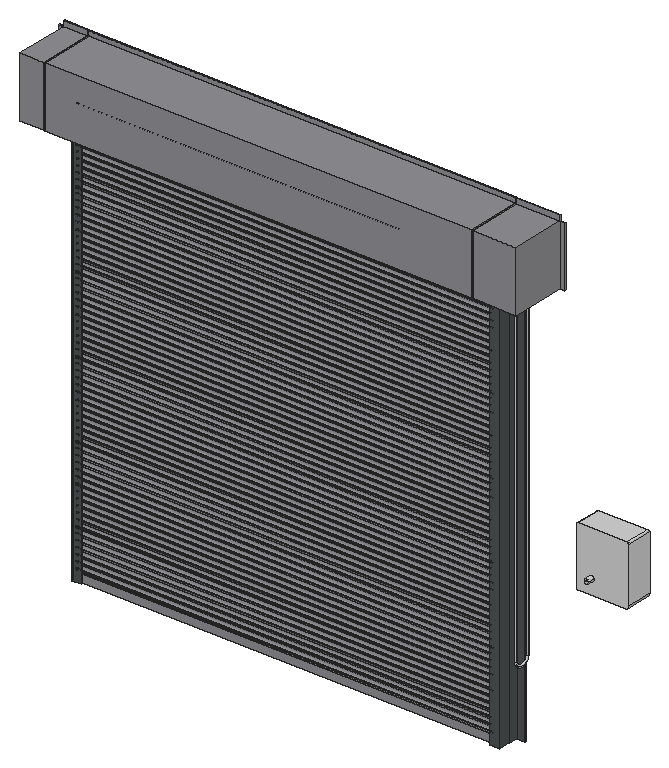
Revit family "Doors_Industrial_Overhead-Door-Corporation_RapidSlat-Rolling-Steel-Service-Doors-611_", category Specialty Equipment, host Wall, Revit 2019
Family settings
  Host = Wall
  Round Connector Dimension = Use Diameter
  Part Type = Normal
  OmniClass Number = 23.30.10.21.34
  OmniClass Title = Industrial Doors
  Always vertical = Yes
  Cut with Voids When Loaded = Yes
  Shared = No
  Room Calculation Point = No
Parameters (values of type "208 volts, one phase, 60 Hz (208-240V range)")
  Warning Sign [instance] = if(Calculated Area > 683.00 SF, 1 = 1, 1 = 2)  # no
  Warning (Note) [instance] = if(Warning Sign, "The Door Area is out of the limit; please adjust accordingly. The maximum allowed area is 683 sq. ft.", if(Opening Height > 360", "Headroom Clearance Dimensions - out of the limits. Consult Factory", " "))  # " "
  Wall Thickness [instance] = 6"
  Voltage = 208 V
  True Opening Width [instance] = Clear Width  # 120"
  True Opening Height [instance] = Clear Height  # 120"
  Slat Type [instance] = if(Slat Option < 2, "C-187", if(Slat Option = 2, "C-275", "F-265"))  # "C-187"
  Slat Option [instance] = 1
  Slat Length [instance] = Clear Width + G Value * 2 - 1" / 2 * 2  # 126"
  Slat Height [instance] = if(Slat < 2, 11 9/32", if(Slat = 2, 13 3/4", 13 19/128"))  # 11 9/32"
  Slat [instance] = if(Slat Option < 2, 1, if(Slat Option = 2, 2, 3))  # 1
  Product Page URL = "https://www.overheaddoor.com/rolling-steel-service-doors-611"
  Power Factor = 1
  Powder Coat (Note) = "PowderGuard® Premium powder coat finish options are available in approximately 200 colors as well as custom matching to specification. PowderGuard® Textured finish, a thicker, more scratch resistant coat, is available in 11 colors providing enhanced scratch resistance as well as aiding in hiding the dirt and blemishes that often occur in commercial environments.​"  # constant formula
  Opening Width Real [instance] = if(Opening Width > Max Opening Width, Max Opening Width, if(Opening Width < Min Opening Width, Min Opening Width, Opening Width))  # 120"
  Opening Width [instance] = 120"
  Opening Height Real [instance] = if(Opening Height > Max Opening Height, Max Opening Height, if(Opening Height < Min Opening Height, Min Opening Height, Opening Height))  # 120"
  Opening Height [instance] = 120"
  One Array element [instance] = not(Array Vis)  # no
  Number of Poles = 1
  Motor Position [instance] = M Value - G Value  # 2 3/4"
  Min Opening Width [instance] = 18"  # constant formula
  Min Opening Height [instance] = 24"  # constant formula
  Max Opening Width [instance] = 360"  # constant formula
  Max Opening Height [instance] = 240"  # constant formula
  Material Finish (Note) [instance] = "Perforation availible for F-265, C-275 Slat profile. Fenestration 5/8\"x3\" availible for C-275, F-265 Slat profile. Fenestration 1\"x10\" availible for F-265 Slat profile."  # constant formula
  Material Finish [instance] = 611 : Standard - Gray
  M Value [instance] = if(or(Opening Width < 108", Opening Width = 108"), 5 3/4", if(or(Opening Width < 180", Opening Width = 180"), 6 1/4", if(or(Opening Width < 240", Opening Width = 240"), 7 1/4", 9 1/4")))  # 6 1/4"
  Installation Real [instance] = Wall Thickness  # 6"
  Hood Type [instance] = "Square Hood"  # constant formula
  Hood Offset [instance] = 4"  # constant formula
  Hood Material [instance] = Metal - Overhead Door - Gray
  Hood Height [instance] = A Value + 2"  # 18"
  Headroom Height Real [instance] = Hood Offset + Hood Height  # 22"
  Headroom Height [instance] = Headroom Height Real + 1 1/2"  # 23 1/2"
  HC 4 [instance] = if(or(Clear Height < 84", Clear Height = 84"), 16", if(or(Clear Height < 132", Clear Height = 132"), 18", if(or(Clear Height < 192", Clear Height = 192"), 20", 22")))  # 18"
  HC 3 [instance] = if(or(Clear Height < 108", Clear Height = 108"), 16", if(or(Clear Height < 168", Clear Height = 168"), 18", 20"))  # 18"
  HC 2 [instance] = if(or(Clear Height < 60", Clear Height = 60"), 14", if(or(Clear Height < 120", Clear Height = 120"), 16", if(or(Clear Height < 180", Clear Height = 180"), 18", 20")))  # 16"
  HC 1 [instance] = if(or(Clear Height < 96", Clear Height = 96"), 14", if(or(Clear Height < 168", Clear Height = 168"), 16", 18"))  # 16"
  Guide Type [instance] = "Angled Z Guide"  # constant formula
  Guid Depth [instance] = D Value  # 6 1/4"
  G Value [instance] = if(or(Opening Width < 108", Opening Width = 108"), 3", if(or(Opening Width < 180", Opening Width = 180"), 3 1/2", if(or(Opening Width < 240", Opening Width = 240"), 4", 5 9/16")))  # 3 1/2"
  Frequency = 60 Hz
  Face of Wall Offset [instance] = 5"  # constant formula
  Door Width True [instance] = Clear Width + M Value * 2  # 132 1/2"
  Door Width (Real) [instance] = Clear Width + 1"  # 121"
  Door Height True [instance] = Clear Width + Headroom Height  # 143 1/2"
  Door Height (Real) [instance] = Clear Height + Hood Offset  # 124"
  URL = "https://www.overheaddoor.com/"
  Product data url = "https://www.bimobject.com/overhead-door/product/rapidslat-rolling-steel-service-doors-611"
  Product Guid = "63723177-b6c9-4168-a314-69115e8add96"
  Model = "611"  # constant formula
  Manufacturer = "Overhead Door Corporation"  # constant formula
  Wall Closure = By host
  Floor To (CL) of Shaft [instance] = Clear Height + Hood Height / 2 + Hood Offset  # 133"
  Finish Material = Finish - Overhead Door - Black
  Description = "RapidSlat Model 611 Advanced Performance service door"  # constant formula
  D Value [instance] = if(or(Opening Width < 108", Opening Width = 108"), 5 11/16", if(or(Opening Width < 180", Opening Width = 180"), 6 1/4", if(or(Opening Width < 240", Opening Width = 240"), 6 3/16", 7 1/16")))  # 6 1/4"
  Clear Width [instance] = Opening Width Real  # 120"
  Clear Height [instance] = Opening Height Real  # 120"
  Current = 20 A
  Backroom Depth [instance] = A Value + 1/2"  # 16 1/2"
  BJ Displacement Real [instance] = 0"  # constant formula
  Array Vis [instance] = if(Array < 2, 1 = 2, 1 = 1)  # yes
  Array Real [instance] = if(Array < 2, 2, Array)  # 11
  Array Length [instance] = (Array) * Slat Height  # 124 3/32"
  Array [instance] = rounddown(([Door Height (Real)] - 3") / Slat Height) + 1  # 11
  Calculated Area [instance] = [Door Width (Real)] * [Door Height (Real)]  # 104.194 SF
  Apparent Load Phase 3 = if(Number of Poles = 1, 0 VA, (Voltage * Current * sqrt(3)) / 3)  # 0 VA
  Apparent Load Phase 2 = if(Number of Poles = 1, 0 VA, (Voltage * Current * sqrt(3)) / 3)  # 0 VA
  Apparent Load Phase 1 = if(Number of Poles = 1, Voltage * Current, (Voltage * Current * sqrt(3)) / 3)  # 4160 VA
  A Value [instance] = if(Slat = 1, HC 1, if(Slat = 2, HC 2, HC 3))  # 16"
Reference planes (in)
  plane 1 "Center (Front/Back)": y = -14.625
  plane 2 "Center (Left/Right)": x = 0
  plane 3 "Left": x = -60
  plane 4 "Right": x = 60
  plane 5 "Exterior": y = -8.625
  plane 6 "Interior": y = -14.625
  plane 7: x = 66.25
  plane 8: x = -66.25
  plane 9: z = 120
  plane 10 "Main": y = -20.23437
  plane 11 "Backroom Depth": y = -32.125
  plane 12 "Main Door Block": y = -15.625
  plane 13 "Bottom Bar": z = 2.75
  plane 14: y = -20.875
  plane 15: z = 126.84375
  plane 16: z = 142
  plane 17: z = 124
  plane 18: z = 143.5
  plane 19: z = 0
  plane 20: z = 60
  plane 21: y = -20.0625
  plane 22: y = 18.375
  plane 23: y = -41.625
  plane 24 "Double Main": y = -19.656
  plane 25 "Headroom Top": z = 143.5
  plane 26: z = 133
  plane 27: x = 63.5
  plane 28: x = -63.5
  plane 29: z = 115.5625
Forms (in)
  Extrusion 1, void
    sketch origin (0, -15.625, 0) x (0, 0, -1) y (-1, 0, 0)
      loop
        line (-120, 60) -> (-120, -60) -> (0, -60) -> (0, 60) -> (-120, 60)
    from 1 to 7
Text (in)
  text "Exterior" at (-74.96733, 27.31104, 0), in view "Ref. Level"
  text "Interior" at (-74.96733, -25.14366, 0), in view "Ref. Level"
  text "Exterior" at (0, 40.15149, 123.01588), in view "Right"
  text "Interior" at (0, -64.39139, 123.01588), in view "Right"
  text "Interior" at (0, -31.01599, 123.00693), in view "Left"
  text "Exterior" at (0, 54.57065, 123.00693), in view "Left"
Dimensions and locks (in)
  equal spacing: plane 3 "Left", plane 2 "Center (Left/Right)", plane 4 "Right"
  "Clear Width": plane 3 "Left" to plane 4 "Right"
  level to host wall = 459.59655"
  "Clear Height": level to plane 9
  plane 7 to plane 8 = 132 1/2"
  equal spacing: plane 7, plane 2 "Center (Left/Right)", plane 8
  locked: plane 13 "Bottom Bar" to level at 2.75
  "Door Width True": plane 7 to plane 8
  locked: plane 14 to plane 10 "Main" at 0.64063
  "Array Length": plane 15 to plane 13 "Bottom Bar"
  "Backroom Depth": plane 11 "Backroom Depth" to plane 12 "Main Door Block"
  "Hood Height": plane 16 to plane 17
  locked: plane 18 to plane 16 at 1.5
  "Installation Real": plane 1 "Center (Front/Back)" to plane 5 "Exterior"
  "Wall Thickness": host wall to host wall
  equal spacing: plane 9, plane 20, plane 19
  locked: plane 10 "Main" to plane 21 at 0.17187
  equal spacing: plane 22, host wall, plane 23
  locked: plane 22 to plane 23 at 60
  locked: plane 10 "Main" to plane 24 "Double Main" at 0.57837
  "Hood Offset": plane 17 to plane 9
  "Headroom Height": plane 25 "Headroom Top" to plane 9
  "Floor To (CL) of Shaft": plane 26 to level
  "Motor Position": plane 7 to plane 27
  "Motor Position": plane 28 to plane 8
  "Guid Depth": plane 14 to plane 1 "Center (Front/Back)"
  "Slat Height": plane 15 to plane 29
  equal spacing: group 2, group 11, group 10, group 9, group 8, group 7, group 6, group 5, group 4, group 3, group 1
  equal spacing: group 1, group 3, group 4, group 5, group 6, group 7, group 8, group 9, group 10, group 11, group 2  (x2)
  aligned and locked: plane 5 "Exterior" to host wall
  aligned and locked: host wall to plane 6 "Interior"
  aligned and locked: level to Extrusion 1 sketch curve
  aligned and locked: Extrusion 1 to plane 5 "Exterior"
  aligned and locked: plane 6 "Interior" to Extrusion 1
  aligned and locked: nested 1 to plane 2 "Center (Left/Right)"
  aligned and locked: nested 1 to level
  aligned and locked: level to plane 19
  aligned and locked: nested 1 to plane 1 "Center (Front/Back)"
  aligned and locked: plane 2 "Center (Left/Right)" to nested 2
  aligned and locked: nested 2 to plane 22
  aligned and locked: plane 23 to nested 3
  aligned and locked: nested 3 to plane 2 "Center (Left/Right)"
  aligned and locked: nested 4 to plane 20
  aligned and locked: plane 2 "Center (Left/Right)" to nested 4
  aligned and locked: plane 13 "Bottom Bar" to nested 5
  aligned and locked: plane 29 to nested 7
  aligned and locked: nested 7 to plane 21
  aligned and locked: plane 21 to nested 5
  aligned and locked: plane 13 "Bottom Bar" to nested 6
  aligned and locked: plane 21 to nested 6
  aligned and locked: nested 4 to plane 21
  aligned and locked: plane 4 "Right" to Extrusion 1 sketch curve
  aligned and locked: plane 3 "Left" to Extrusion 1 sketch curve
  aligned and locked: Extrusion 1 sketch curve to plane 9
Nested families (in)
  nested 1: "Lifts" at (0, -14.625, 0), type "Frame Unit"
    with Square Hood yes, Round Hood no, Right Motor Position yes, Octagon Hood no, No Hood no
  nested 2: "Label Annotation 1" at (0, 18.375, 0), visible <- "Warning Sign", type "Label Annotation 1"
  nested 3: "Label Annotation 1" at (0, -41.625, 0) x (-1, 0, 0) z (0, 0, 1), visible <- "Warning Sign", type "Label Annotation 1"
  nested 4: "Warning Sign" at (0, -20.0625, 60), visible <- "Warning Sign", type "Warning Sign"
    with Warning Sign no
  nested 5: "611" at (0, -20.0625, 2.75), Slat Option <- "Slat Option", Opening Width <- "Slat Length", type <- "Material Finish", visible <- "Array Vis", type "Standard - Gray"
    with Void Offset 1", Void Height 1", Slat Width 0.53", Slat Position + Offset 12.174", Slat Position 11.28", Slat Option 1, Opening Width 126", Integrated Cutout no, F 265, FE 265 no, Cutout Width Offset 1", Cutout Vertical Offset 0.894", Cutout Horizontal Offset 1", C 275 no, C 187 Standard yes
  nested 6: "611" at (0, -20.0625, 2.75), visible <- "One Array element", Slat Option <- "Slat Option", Opening Width <- "Slat Length", type <- "Material Finish", type "Standard - Gray"
    with Void Offset 1", Void Height 1", Slat Width 0.53", Slat Position + Offset 12.174", Slat Position 11.28", Slat Option 1, Opening Width 126", Integrated Cutout no, F 265, FE 265 no, Cutout Width Offset 1", Cutout Vertical Offset 0.894", Cutout Horizontal Offset 1", C 275 no, C 187 Standard yes
  nested 7: "611" at (0, -20.0625, 115.5625), Slat Option <- "Slat Option", Opening Width <- "Slat Length", type <- "Material Finish", visible <- "Array Vis", type "Standard - Gray"
    with Void Offset 1", Void Height 1", Slat Width 0.53", Slat Position + Offset 12.174", Slat Position 11.28", Slat Option 1, Opening Width 126", Integrated Cutout no, F 265, FE 265 no, Cutout Width Offset 1", Cutout Vertical Offset 0.894", Cutout Horizontal Offset 1", C 275 no, C 187 Standard yes
  nested 8: "611" at (0, -20.0625, 14.03125), Slat Option <- "Slat Option", Opening Width <- "Slat Length", type <- "Material Finish", visible <- "Array Vis", type "Standard - Gray"
    with Void Offset 1", Void Height 1", Slat Width 0.53", Slat Position + Offset 12.174", Slat Position 11.28", Slat Option 1, Opening Width 126", Integrated Cutout no, F 265, FE 265 no, Cutout Width Offset 1", Cutout Vertical Offset 0.894", Cutout Horizontal Offset 1", C 275 no, C 187 Standard yes
  nested 9: "611" at (0, -20.0625, 25.3125), Slat Option <- "Slat Option", Opening Width <- "Slat Length", type <- "Material Finish", visible <- "Array Vis", type "Standard - Gray"
    with Void Offset 1", Void Height 1", Slat Width 0.53", Slat Position + Offset 12.174", Slat Position 11.28", Slat Option 1, Opening Width 126", Integrated Cutout no, F 265, FE 265 no, Cutout Width Offset 1", Cutout Vertical Offset 0.894", Cutout Horizontal Offset 1", C 275 no, C 187 Standard yes
  nested 10: "611" at (0, -20.0625, 36.59375), Slat Option <- "Slat Option", Opening Width <- "Slat Length", type <- "Material Finish", visible <- "Array Vis", type "Standard - Gray"
    with Void Offset 1", Void Height 1", Slat Width 0.53", Slat Position + Offset 12.174", Slat Position 11.28", Slat Option 1, Opening Width 126", Integrated Cutout no, F 265, FE 265 no, Cutout Width Offset 1", Cutout Vertical Offset 0.894", Cutout Horizontal Offset 1", C 275 no, C 187 Standard yes
  nested 11: "611" at (0, -20.0625, 47.875), Slat Option <- "Slat Option", Opening Width <- "Slat Length", type <- "Material Finish", visible <- "Array Vis", type "Standard - Gray"
    with Void Offset 1", Void Height 1", Slat Width 0.53", Slat Position + Offset 12.174", Slat Position 11.28", Slat Option 1, Opening Width 126", Integrated Cutout no, F 265, FE 265 no, Cutout Width Offset 1", Cutout Vertical Offset 0.894", Cutout Horizontal Offset 1", C 275 no, C 187 Standard yes
  nested 12: "611" at (0, -20.0625, 59.15625), Slat Option <- "Slat Option", Opening Width <- "Slat Length", type <- "Material Finish", visible <- "Array Vis", type "Standard - Gray"
    with Void Offset 1", Void Height 1", Slat Width 0.53", Slat Position + Offset 12.174", Slat Position 11.28", Slat Option 1, Opening Width 126", Integrated Cutout no, F 265, FE 265 no, Cutout Width Offset 1", Cutout Vertical Offset 0.894", Cutout Horizontal Offset 1", C 275 no, C 187 Standard yes
  nested 13: "611" at (0, -20.0625, 70.4375), Slat Option <- "Slat Option", Opening Width <- "Slat Length", type <- "Material Finish", visible <- "Array Vis", type "Standard - Gray"
    with Void Offset 1", Void Height 1", Slat Width 0.53", Slat Position + Offset 12.174", Slat Position 11.28", Slat Option 1, Opening Width 126", Integrated Cutout no, F 265, FE 265 no, Cutout Width Offset 1", Cutout Vertical Offset 0.894", Cutout Horizontal Offset 1", C 275 no, C 187 Standard yes
  nested 14: "611" at (0, -20.0625, 81.71875), Slat Option <- "Slat Option", Opening Width <- "Slat Length", type <- "Material Finish", visible <- "Array Vis", type "Standard - Gray"
    with Void Offset 1", Void Height 1", Slat Width 0.53", Slat Position + Offset 12.174", Slat Position 11.28", Slat Option 1, Opening Width 126", Integrated Cutout no, F 265, FE 265 no, Cutout Width Offset 1", Cutout Vertical Offset 0.894", Cutout Horizontal Offset 1", C 275 no, C 187 Standard yes
  nested 15: "611" at (0, -20.0625, 93), Slat Option <- "Slat Option", Opening Width <- "Slat Length", type <- "Material Finish", visible <- "Array Vis", type "Standard - Gray"
    with Void Offset 1", Void Height 1", Slat Width 0.53", Slat Position + Offset 12.174", Slat Position 11.28", Slat Option 1, Opening Width 126", Integrated Cutout no, F 265, FE 265 no, Cutout Width Offset 1", Cutout Vertical Offset 0.894", Cutout Horizontal Offset 1", C 275 no, C 187 Standard yes
  nested 16: "611" at (0, -20.0625, 104.28125), Slat Option <- "Slat Option", Opening Width <- "Slat Length", type <- "Material Finish", visible <- "Array Vis", type "Standard - Gray"
    with Void Offset 1", Void Height 1", Slat Width 0.53", Slat Position + Offset 12.174", Slat Position 11.28", Slat Option 1, Opening Width 126", Integrated Cutout no, F 265, FE 265 no, Cutout Width Offset 1", Cutout Vertical Offset 0.894", Cutout Horizontal Offset 1", C 275 no, C 187 Standard yes
Connectors (in)
  electrical at (94.92963, -22.165, 60.07037), driven by "Apparent Load Phase 1", driven by "Apparent Load Phase 2", driven by "Apparent Load Phase 3", driven by "Power Factor", driven by "Voltage", driven by "Number of Poles"
    settings: on nested 1, index 1, voltage 208 V, apparent load 0 VA, apparent load phase1 4160 VA, apparent load phase2 0 VA, apparent load phase3 0 VA, power factor 1, load classification "Other", number of poles 1, system type 31, power factor state 1, is connector primary yes, connector utility no, sub classification motor no, connector description "Electrical Connector"
Definition of nested family "Lifts"
  Parameters (values of type "Frame Unit")
    True Width = if(Between Jambs, Opening Width, Opening Width + 1/2")  # 120 1/2"
    Square Hood [instance] = if(Hood Option = 2, 1 = 1, 1 = 2)  # yes
    Slat Option = 1
    Round Hood [instance] = if(Hood Option > 3, 1 = 1, 1 = 2)  # no
    Rough Width = 0"
    Rough Height = 0"
    Right Motor Position [instance] = yes
    Octagon Hood [instance] = if(Hood Option = 3, 1 = 1, 1 = 2)  # no
    No Hood [instance] = if(Hood Option < 2, 1 = 1, 1 = 2)  # no
    M Value = 6 1/4"
    Hood Type = if(Hood Option < 2, "No Hood", if(Hood Option = 2, "Square Hood", if(Hood Option = 3, "Octagon Hood", "Round Hood")))  # "Square Hood"
    Hood Option = 2
    Hood Offset = 4"
    Hood Height = Headroom Height Real - Hood Offset  # 18"
    Headroom Height Real = Headroom Height  # 22"
    Half Octagon Side = 3.41726"
    Half Hood Height = Headroom Height - Hood Offset  # 18"
    G Value = 3 1/2"
    E Guide Width = if(Between Jambs, Guide Offset - G Value + BJ Connection Length - BJ Displacement * 2 / 3, 3")  # 3"
    E Guide Height = 3"  # constant formula
    Z Guide = 1 = 1  # yes
    Slat Material = none
    Shaft Offset = if(Hood Height < Header Width, (Header Width - (Header Width - Hood Height)) / 2, Header Width / 2)  # 8 1/4"
    Shaft Material = none
    Shaft Length 2 = 18"  # constant formula
    Shaft Length 1 = 12"  # constant formula
    Setback = if(Between Jambs, 0", 1/2")  # 1/2"
    Opening Width = 120"
    Hood Material = none
    Headroom Height = 22"
    Header Width = 16 1/2"
    Opening Height = 120"
    Guide Type = if(Between Jambs, "Angled Between Jambs Z Guide", if(Guide Option > 1, "Angled Z Guide", "Angled E Guide"))  # "Angled Z Guide"
    Guide Option = if(Between Jambs, 1, 2)  # 2
    Guide Offset = BJ Displacement + G Value  # 3 1/2"
    Guide Z Wide = if(Between Jambs, Guide Offset - G Value + BJ Connection Length - BJ Displacement * 2 / 3, M Value - G Value)  # 2 3/4"
    Guide Z Height = 3"  # constant formula
    Floor To (CL) of Shaft = 133"
    Finish Material = none
    Face to Wall Mount = not(Between Jambs)  # yes
    E Guide = if(Between Jambs, 1 = 1, 1 = 2)  # no
    D Value = 6 1/4"
    Chain offset = if(Opening Height < 35", Opening Height - 5", 30")  # 30"
    Between Jambs = no
    BJ Position = if(Between Jambs, 1/4", 0")  # 0"
    BJ Displacement = 0"
    BJ Connection Length = 1 / 3 * BJ Displacement  # 0"
    Angled Guide = 1 = 1  # yes
    1 = 15 1/2"
  Reference planes (in)
    plane 1 "Center (Front/Back)": y = 0
    plane 2: z = 0
    plane 3 "Center (Left/Right)": x = 0
    plane 4 "Opening Height": z = 120
    plane 5: x = -72
    plane 6: x = 78
    plane 7: z = 142
    plane 8: y = 16.5
    plane 9 "Real Opening 2": x = -60
    plane 10 "Real Opening 1": x = 60
    plane 11: z = 124
    plane 12 "Main": y = 0
    plane 13: z = 133
    plane 14: x = 63.5
    plane 15: x = -63.5
    plane 16: x = -63.5
    plane 17: x = 63.5
    plane 18: y = 6.25
    plane 19: x = -63.25
    plane 20: x = 63.25
    plane 21: z = 143.5
    plane 22: y = 6.25
    plane 23: y = 5.125
    plane 24: y = 6.25
    plane 25: y = 5.125
    plane 26: y = 0.25
    plane 27: z = 124
    plane 28: z = 30
    plane 29: z = 0
    plane 30: x = 74
    plane 31: x = 95
    plane 32: z = 60
    plane 33: y = 7.54
    plane 34: x = 76.25
    plane 35: x = -70.25
  Forms (in)
    Extrusion 1, solid, material <- "Slat Material"
      sketch origin (0, 0, 0) x (0, 1, 0) y (0, 0, 1)
        loop
          line (5.4375, 2.375) -> (5.4375, 2.75) -> (4.8125, 2.75) -> (4.8125, 2.375) -> (5.4375, 2.375)
      from -63.25 to 63.25
    Extrusion 2, solid, material <- "Slat Material"
      sketch origin (0, 0, 0) x (0, 1, 0) y (0, 0, 1)
        loop
          line (5.4375, 2.375) -> (4.8125, 2.375) -> (4.8125, 0) -> (5.4375, 0) -> (5.4375, 2.375)
      from -63.25 to 63.25
    Extrusion 3, solid, material <- "Shaft Material"
      sketch origin (0, -5.35201, 0) x (0, 1, 0) y (0, 0, 1)
        loop
          circle (13.60201, 133) r 0.6
      from -70.25 to 76.25
    Extrusion 4, solid, material <- "Hood Material", visible <- "Square Hood"
      sketch origin (0, 0, 0) x (0, 1, 0) y (0, 0, 1)
        loop
          line (0, 124) -> (16.5, 124) -> (16.5, 143.5) -> (0, 143.5) -> (0, 124)
      from -63.25 to 63.25
    Extrusion 5, solid, material <- "Finish Material", visible <- "E Guide"
      sketch origin (0, 0, 0) x (1, 0, 0) y (0, 1, 0)
        loop
          line (60.5, 0) -> (63.5, 0) -> (63.5, 3) -> (63.4375, 3)
          arc (63.4375, 3) -> (63.30492, 2.94508) -> (63.25, 2.8125) r 0.1875
          line (63.25, 2.8125) -> (63.25, 0.25) -> (60.6875, 0.25)
          arc (60.6875, 0.25) -> (60.55492, 0.19508) -> (60.5, 0.0625) r 0.1875
          line (60.5, 0.0625) -> (60.5, 0)
        loop
          line (-60.5, 0) -> (-60.5, 0.0625)
          arc (-60.5, 0.0625) -> (-60.55492, 0.19508) -> (-60.6875, 0.25) r 0.1875
          line (-60.6875, 0.25) -> (-63.25, 0.25) -> (-63.25, 2.8125)
          arc (-63.25, 2.8125) -> (-63.30492, 2.94508) -> (-63.4375, 3) r 0.1875
          line (-63.4375, 3) -> (-63.5, 3) -> (-63.5, 0) -> (-60.5, 0)
      from 0 to 124
    Extrusion 6, solid, material <- "Finish Material", visible <- "Z Guide"
      sketch origin (0, 0, 0) x (1, 0, 0) y (0, 1, 0)
        loop
          line (66.25, 0) -> (66.25, 0.062)
          arc (66.25, 0.062) -> (66.19494, 0.19494) -> (66.062, 0.25) r 0.188
          line (66.062, 0.25) -> (63.75, 0.25) -> (63.75, 2.812)
          arc (63.75, 2.812) -> (63.69494, 2.94494) -> (63.562, 3) r 0.188
          line (63.562, 3) -> (63.5, 3) -> (63.5, 0) -> (66.25, 0)
        loop
          line (-66.25, 0) -> (-63.5, 0) -> (-63.5, 3) -> (-63.562, 3)
          arc (-63.562, 3) -> (-63.69494, 2.94494) -> (-63.75, 2.812) r 0.188
          line (-63.75, 2.812) -> (-63.75, 0.25) -> (-66.062, 0.25)
          arc (-66.062, 0.25) -> (-66.19494, 0.19494) -> (-66.25, 0.062) r 0.188
          line (-66.25, 0.062) -> (-66.25, 0)
      from 0 to 124
    Extrusion 7, solid, material <- "Finish Material", visible <- "Angled Guide"
      sketch origin (0, 0, 0) x (1, 0, 0) y (0, 1, 0)
        loop
          line (60.5, 6.25) -> (60.5, 6.187)
          arc (60.5, 6.187) -> (60.55477, 6.05477) -> (60.687, 6) r 0.187
          line (60.687, 6) -> (63.25, 6) -> (63.25, 4.25) -> (60.5, 4.25) -> (60.5, 4.187)
          arc (60.5, 4.187) -> (60.55477, 4.05477) -> (60.687, 4) r 0.187
          line (60.687, 4) -> (63, 4) -> (63, 2.3125) -> (63.25, 2.3125) -> (63.25, 2) -> (63.5, 2) -> (63.5, 6.25) -> (60.5, 6.25)
        loop
          line (-60.5, 6.25) -> (-63.5, 6.25) -> (-63.5, 2) -> (-63.25, 2) -> (-63.25, 2.3125) -> (-63, 2.3125) -> (-63, 4) -> (-60.687, 4)
          arc (-60.687, 4) -> (-60.55477, 4.05477) -> (-60.5, 4.187) r 0.187
          line (-60.5, 4.187) -> (-60.5, 4.25) -> (-63.25, 4.25) -> (-63.25, 6) -> (-60.687, 6)
          arc (-60.687, 6) -> (-60.55477, 6.05477) -> (-60.5, 6.187) r 0.187
          line (-60.5, 6.187) -> (-60.5, 6.25)
      from 0 to 124
    Extrusion 8, solid, material <- "Hood Material"
      sketch origin (0, 0, 0) x (-1, 0, 0) y (0, 0, 1)
        loop
          line (63.25, 124) -> (63.5, 124) -> (63.5, 142) -> (63.25, 142) -> (63.25, 124)
        loop
          line (-63.5, 124) -> (-63.25, 124) -> (-63.25, 142) -> (-63.5, 142) -> (-63.5, 124)
      from 0 to 16.5
    Extrusion 9, solid, material <- "Hood Material"
      sketch origin (0, 0, 0) x (1, 0, 0) y (0, 1, 0)
        loop
          line (-72, 0) -> (-63.5, 0) -> (-63.5, 16.5) -> (-72, 16.5) -> (-72, 0)
        loop
          line (78, 0) -> (78, 16.5) -> (63.5, 16.5) -> (63.5, 0) -> (78, 0)
      from 124 to 143.5
    Extrusion 10, void
      sketch origin (0, 0, 0) x (1, 0, 0) y (0, 0, 1)
        loop
          line (-72, 143.5) -> (-72, 124) -> (-70.5, 124) -> (-70.5, 142) -> (76.5, 142) -> (76.5, 120) -> (78, 120) -> (78, 143.5) -> (-72, 143.5)
      from -0.25 to -16.5
    Extrusion 11, void
      sketch origin (0, 0, 0) x (1, 0, 0) y (0, 0, 1)
        loop
          line (-72, 142) -> (-70.5, 142) -> (-70.5, 143.5) -> (-72, 143.5) -> (-72, 142)
        loop
          line (78, 142) -> (78, 143.5) -> (76.5, 143.5) -> (76.5, 142) -> (78, 142)
      from 0 to -0.25
    Sweep 12, solid
      path origin (74, -12.75, 1000) x (0, -1, 0) y (0, 0, 1)
        loop
          line (-26.53866, -876) -> (-26.53866, -970)
          arc (-26.53866, -970) -> (-24.10116, -972.4375) -> (-21.66366, -970) r 2.4375
          line (-21.66366, -970) -> (-21.66366, -876)
      profile origin (74, 13.78866, 77) x (-1, 0, 0) y (0, -1, 0)
        loop
          circle (0, 0.2675) r 0.2675
    Extrusion 13, solid
      sketch origin (95, 0, 60) x (1, 0, 0) y (0, 0, 1)
        loop
          line (7.25, 8.90625) -> (-7.25, 8.90625)
          arc (-7.25, 8.90625) -> (-7.60355, 8.7598) -> (-7.75, 8.40625) r 0.5
          line (-7.75, 8.40625) -> (-7.75, -8.40625)
          arc (-7.75, -8.40625) -> (-7.60355, -8.7598) -> (-7.25, -8.90625) r 0.5
          line (-7.25, -8.90625) -> (6.68702, -8.90625)
          arc (6.68702, -8.90625) -> (7.43866, -8.59491) -> (7.75, -7.84327) r 1.06298
          line (7.75, -7.84327) -> (7.75, 8.40625)
          arc (7.75, 8.40625) -> (7.60355, 8.7598) -> (7.25, 8.90625) r 0.5
      from 0 to -7.54
    Revolve 14, solid, visible <- "Right Motor Position"
      sketch origin (95, 0, 55.5) x (0, -1, 0) y (1, 0, 0)
        loop
          line (-7.54, -3.41542) -> (-7.54, -2.66542) -> (-9.312, -2.81542) -> (-9.312, -3.41542) -> (-7.54, -3.41542)
        axis (-7.54, -3.41542) -> (-9.312, -3.41542)
      angle from 0 to 360
  Cuts and joins
    Extrusion 10, Extrusion 11 cuts Extrusion 9
    Extrusion 10 cuts Extrusion 4
  Lines and regions (in)
    Masking region 1
      outline origin (0, 0, 0) x (1, 0, 0) y (0, 1, 0)
        loop
          line (-63.5, 16.5) -> (-63.5, 0) -> (63.5, 0) -> (63.5, 16.5) -> (-63.5, 16.5)
    Masking region 2
      outline origin (0, 0, 0) x (1, 0, 0) y (0, 1, 0)
        loop
          line (63.5, 0) -> (78, 0) -> (78, 0.25) -> (76.5, 0.25) -> (76.5, 16.5) -> (63.5, 16.5) -> (63.5, 0)
        loop
          line (-63.5, 0) -> (-63.5, 16.5) -> (-70.5, 16.5) -> (-70.5, 0.25) -> (-72, 0.25) -> (-72, 0) -> (-63.5, 0)
    Masking region 3
      outline origin (0, 0, 0) x (1, 0, 0) y (0, 1, 0)
        loop
          line (87.25, 7.54) -> (87.25, 0) -> (102.75, 0) -> (102.75, 7.54) -> (87.25, 7.54)
    Masking region 4
      outline origin (91.64, 2.54, 60) x (0, -1, 0) y (1, 0, 0)
        loop
          line (-6.772, 0.54458) -> (-6.772, -0.65542) -> (-5, -0.80542) -> (-5, 0.69458) -> (-6.772, 0.54458)
    symbolic lines
      curve 1: line (-63.25, 0, 0) -> (-63.25, 16.5, 0)
      curve 2: line (63.25, 16.5, 0) -> (63.25, 0, 0)
      curve 4: line (-72, 0.25, 0) -> (78, 0.25, 0)
    symbolic lines, visible <- "Octagon Hood"
      curve 3: line (-63.25, 12.69239, 0) -> (63.25, 12.69239, 0)
    reference lines
      curve 5: line (95, 0, 60) -> (104, 0, 60)
      curve 6: line (95, 0, 55.5) -> (100.75, 0, 55.5)
  Dimensions and locks (in)
    Extrusion 1 sketch curve to level = 2 3/8"
    locked: Extrusion 1 sketch curve to Extrusion 1 sketch curve at 0.625
    locked: Extrusion 2 sketch curve to level at 2.375
    "Headroom Height Real": plane 7 to plane 4 "Opening Height"
    plane 8 to plane 1 "Center (Front/Back)" = 16 1/2"
    "Opening Height": plane 4 "Opening Height" to level
    "Hood Offset": plane 11 to plane 4 "Opening Height"
    "BJ Position": plane 12 "Main" to plane 1 "Center (Front/Back)"
    "Header Width": plane 12 "Main" to plane 8
    "Floor To (CL) of Shaft": plane 13 to level
    "Shaft Offset": Extrusion 3 sketch curve to plane 8
    locked: Extrusion 2 sketch curve to Extrusion 2 sketch curve at 0.625
    "Guide Offset": plane 10 "Real Opening 1" to plane 14
    "Guide Offset": plane 15 to plane 9 "Real Opening 2"
    locked: Extrusion 5 sketch curve to Extrusion 5 sketch curve at 0.25  (x4)
    "E Guide Height": Extrusion 5 sketch curve to Extrusion 5 sketch curve  (x2)
    "E Guide Width": Extrusion 5 sketch curve to Extrusion 5 sketch curve  (x2)
    locked: Extrusion 6 sketch curve to Extrusion 6 sketch curve at 0.25  (x4)
    "Guide Z Wide": Extrusion 6 sketch curve to Extrusion 6 sketch curve  (x2)
    "Guide Z Height": Extrusion 6 sketch curve to Extrusion 6 sketch curve  (x2)
    locked: Extrusion 7 sketch curve to Extrusion 7 sketch curve at 0.25  (x8)
    locked: Extrusion 7 sketch curve to Extrusion 7 sketch curve at 2.25  (x2)
    locked: Extrusion 7 sketch curve to Extrusion 7 sketch curve at 4.25  (x2)
    locked: Extrusion 7 sketch curve to Extrusion 7 sketch curve at 0.3125  (x2)
    "Setback": plane 10 "Real Opening 1" to Extrusion 7 sketch curve
    "Setback": Extrusion 7 sketch curve to plane 9 "Real Opening 2"
    equal spacing: plane 15, plane 3 "Center (Left/Right)", plane 14
    "G Value": Extrusion 6 sketch curve to plane 9 "Real Opening 2"
    "G Value": plane 10 "Real Opening 1" to Extrusion 6 sketch curve
    "G Value": plane 10 "Real Opening 1" to plane 17
    "G Value": plane 16 to plane 9 "Real Opening 2"
    "Shaft Length 1": plane 5 to plane 9 "Real Opening 2"
    "Shaft Length 2": plane 6 to plane 10 "Real Opening 1"
    locked: Extrusion 2 to plane 17 at 0.25
    locked: Extrusion 2 to plane 16 at 0.25
    locked: plane 16 to plane 19 at 0.25
    locked: plane 20 to plane 17 at 0.25
    equal spacing: plane 9 "Real Opening 2", plane 3 "Center (Left/Right)", plane 10 "Real Opening 1"
    "Opening Width": plane 9 "Real Opening 2" to plane 10 "Real Opening 1"
    locked: plane 21 to plane 7 at 1.5
    "D Value": plane 1 "Center (Front/Back)" to plane 18
    "D Value": plane 22 to plane 1 "Center (Front/Back)"
    locked: plane 22 to plane 23 at 1.125
    equal spacing: Extrusion 1 sketch curve, plane 23, Extrusion 1 sketch curve
    "D Value": plane 24 to plane 1 "Center (Front/Back)"
    locked: plane 24 to plane 25 at 1.125
    equal spacing: Extrusion 2 sketch curve, plane 25, Extrusion 2 sketch curve
    "G Value": plane 10 "Real Opening 1" to Extrusion 7 sketch curve
    "G Value": Extrusion 7 sketch curve to plane 9 "Real Opening 2"
    locked: Extrusion 10 sketch curve to Extrusion 10 sketch curve at 1.5  (x2)
    locked: plane 26 to plane 12 "Main" at 0.25
    locked: Extrusion 11 sketch curve to Extrusion 11 sketch curve at 1.5  (x2)
    "Chain offset": plane 28 to plane 29
    locked: plane 30 to plane 6 at 4
    locked: plane 20 to plane 31 at 31.75
    locked: plane 32 to level at 60
    locked: curve 5 to curve 5 at 9
    equal spacing: Masking region 3 sketch curve, plane 31, Masking region 3 sketch curve
    locked: Revolve 14 sketch curve to Revolve 14 sketch curve at 0.6
    locked: Revolve 14 sketch curve to Revolve 14 sketch curve at 0.75
    locked: plane 33 to Revolve 14 sketch curve at 1.772
    locked: Masking region 3 sketch curve to Masking region 3 sketch curve at 7.54
    locked: curve 5 to curve 6 at 4.5
    locked: curve 6 to curve 6 at 5.75
    locked: Masking region 3 sketch curve to plane 31 at 7.75
    locked: plane 34 to plane 6 at 1.75
    locked: plane 5 to plane 35 at 1.75
    radius of Extrusion 5 sketch curve = 3/16"  (x4)
    radius of Extrusion 6 sketch curve = 0.188"  (x4)
    locked: Extrusion 7 sketch curve to Extrusion 7 sketch curve (radius 0.187")  (x4)
    aligned and locked: plane 2 to level
    aligned and locked: Extrusion 4 sketch curve to plane 8
    aligned and locked: plane 13 to Extrusion 3 sketch curve
    aligned and locked: plane 12 "Main" to Extrusion 5 sketch curve  (x2)
    aligned and locked: Extrusion 5 sketch curve to plane 14
    aligned and locked: plane 15 to Extrusion 5 sketch curve
    aligned and locked: Extrusion 6 sketch curve to plane 1 "Center (Front/Back)"  (x2)
    aligned and locked: Extrusion 7 sketch curve to Extrusion 7 sketch curve  (x4)
    aligned and locked: plane 18 to Extrusion 7 sketch curve
    aligned and locked: Extrusion 7 sketch curve to plane 18
    aligned and locked: plane 12 "Main" to Extrusion 4 sketch curve
    aligned and locked: Extrusion 8 sketch curve to plane 11  (x2)
    aligned and locked: Extrusion 8 sketch curve to plane 7  (x2)
    aligned and locked: plane 16 to Extrusion 8 sketch curve
    aligned and locked: Extrusion 8 sketch curve to plane 17
    aligned and locked: Masking region 1 sketch curve to Extrusion 4
    aligned and locked: Masking region 1 to curve 2  (x2)
    aligned and locked: Masking region 1 to curve 1  (x2)
    aligned and locked: Extrusion 2 to Extrusion 1
    aligned and locked: Extrusion 1 to Extrusion 2
    aligned and locked: Masking region 1 to plane 16
    aligned and locked: Masking region 1 to plane 17
    aligned and locked: plane 19 to Extrusion 8 sketch curve
    aligned and locked: plane 20 to Extrusion 8 sketch curve
    aligned and locked: plane 19 to Extrusion 4
    aligned and locked: Extrusion 4 to plane 20
    aligned and locked: plane 8 to Extrusion 8
    aligned and locked: plane 19 to curve 3
    aligned and locked: plane 20 to curve 3
    aligned and locked: Extrusion 4 sketch curve to plane 11
    aligned and locked: Extrusion 6 to plane 11
    aligned and locked: plane 11 to Extrusion 5
    aligned and locked: plane 11 to Extrusion 7
    aligned and locked: Extrusion 9 sketch curve to plane 5
    aligned and locked: plane 16 to Extrusion 9 sketch curve
    aligned and locked: plane 1 "Center (Front/Back)" to Extrusion 9 sketch curve
    aligned and locked: Extrusion 9 sketch curve to plane 8  (x2)
    aligned and locked: Extrusion 9 sketch curve to plane 6
    aligned and locked: Extrusion 9 sketch curve to plane 14
    aligned and locked: Extrusion 9 sketch curve to plane 1 "Center (Front/Back)"
    aligned and locked: Extrusion 9 to plane 11
    aligned and locked: Extrusion 9 to plane 21
    aligned and locked: Extrusion 10 sketch curve to plane 21
    aligned and locked: Extrusion 10 sketch curve to plane 7
    aligned and locked: Extrusion 10 sketch curve to plane 5
    aligned and locked: Extrusion 10 sketch curve to plane 6
    aligned and locked: Extrusion 10 sketch curve to plane 11
    aligned and locked: Extrusion 10 sketch curve to plane 4 "Opening Height"
    aligned and locked: Extrusion 10 to plane 8
    aligned and locked: Extrusion 10 to plane 26
    aligned and locked: Extrusion 4 sketch curve to plane 21
    aligned and locked: Extrusion 11 sketch curve to plane 5
    aligned and locked: Extrusion 11 sketch curve to plane 6
    aligned and locked: Extrusion 11 sketch curve to plane 7
    aligned and locked: Extrusion 11 sketch curve to plane 21
    aligned and locked: plane 21 to Extrusion 11 sketch curve
    aligned and locked: plane 7 to Extrusion 11 sketch curve
    aligned and locked: plane 26 to Extrusion 11
    aligned and locked: Extrusion 11 to plane 1 "Center (Front/Back)"
    aligned and locked: Masking region 2 sketch curve to plane 14
    aligned and locked: Masking region 2 sketch curve to cut or joined group of Extrusion 9, Extrusion 10, Extrusion 11  (x5)
    aligned and locked: cut or joined group of Extrusion 9, Extrusion 10, Extrusion 11 to Masking region 2 sketch curve
    aligned and locked: Masking region 2 sketch curve to plane 6
    aligned and locked: plane 16 to Masking region 2 sketch curve
    aligned and locked: Masking region 2 sketch curve to plane 26
    aligned and locked: Masking region 2 sketch curve to plane 5
    aligned and locked: plane 1 "Center (Front/Back)" to Masking region 2 sketch curve
    aligned and locked: curve 4 to plane 26
    aligned and locked: plane 6 to curve 4
    aligned and locked: plane 5 to curve 4
    aligned and locked: plane 27 to Sweep 12 sketch curve  (x2)
    aligned and locked: plane 28 to Sweep 12 sketch curve  (x2)
    aligned and locked: plane 11 to plane 27
    aligned and locked: level to plane 29
    aligned and locked: plane 31 to curve 5
    aligned and locked: curve 5 to plane 32
    aligned and locked: Revolve 14 sketch curve to Revolve 14 sketch curve
    aligned and locked: Revolve 14 sketch curve to plane 33
    aligned and locked: Masking region 4 sketch curve to Revolve 14  (x2)
    aligned and locked: Masking region 3 sketch curve to plane 1 "Center (Front/Back)"
    aligned and locked: plane 31 to curve 6
    aligned and locked: plane 34 to Extrusion 3
    aligned and locked: plane 35 to Extrusion 3
  Automatic sketch dimensions
    curve 3 to curve 2 = 3.80761"
    Masking region 1 sketch curve to plane 1 "Center (Front/Back)" = 0"
    Masking region 1 sketch curve to plane 15 = 0"
    Masking region 1 sketch curve to plane 14 = 0"
    Sweep 12 sketch curve to plane 8 = 2.71134"
    Sweep 12 sketch curve to Sweep 12 sketch curve = 2 7/16"
    Sweep 12 sketch curve to profile plane = 0"
    Sweep 12 sketch curve to profile plane = 0.2675"
    Masking region 4 sketch curve to curve 5 = 4.16542"
    Masking region 4 sketch curve to curve 5 = 4.01542"
    Masking region 4 sketch curve to curve 5 = 2.81542"
    Masking region 4 sketch curve to curve 5 = 2.66542"
    Extrusion 13 sketch curve to curve 5 = 7 3/4"
    Extrusion 13 sketch curve to Extrusion 13 sketch curve = 1/2"  (x3)
    Extrusion 13 sketch curve to curve 5 = 1 3/4"
    Extrusion 13 sketch curve to curve 5 = 8 29/32"
    curve 5 to Extrusion 13 sketch curve = 8 13/32"
    Extrusion 13 sketch curve to Extrusion 13 sketch curve = 1.06298"
    Revolve 14 sketch curve to curve 6 = 3.41542"
    Revolve 14 sketch curve to curve 6 = 18.88505"
    Revolve 14 sketch curve to curve 6 = 3.07036"
    Extrusion 1 sketch curve to Extrusion 1 sketch curve = 3/8"
    Extrusion 2 sketch curve to level = 0"
    radius of Extrusion 3 sketch curve = 0.6"
    radius of Sweep 12 sketch curve = 0.2675"
Definition of nested family "611"
  Parameters (values of type "Perforated - Gray")
    Void Offset [instance] = if(Integrated Cutout, 0", 1")  # 1"
    Void Height [instance] = if(and(C 275, Perforation), 1.155", if(and([F 265, FE 265], Perforation), 2.3", 1"))  # 1"
    Standard = no
    Slat Width [instance] = if(Slat Option < 2, 0.53", if(Slat Option = 2, 0.88", 0.63"))  # 0.53"
    Slat Position + Offset [instance] = Slat Position + Cutout Vertical Offset  # 12.174"
    Slat Position [instance] = if(Slat Option < 2, 1.88" * 6, if(Slat Option = 2, 2 3/4" * 5, 2.63" * 5))  # 11.28"
    Slat Option [instance] = 1
    Rough Height = 0"
    Perforation = yes
    Fenestration Small = no
    Fenestration Large = no
    Cutout Width Offset [instance] = 1"  # constant formula
    Cutout Material 2 = none
    Cutout Horizontal Offset [instance] = if(Slat Option = 2, 0.847", 1")  # 1"
    Cutout Material = none
    Panel Material = none
    Opening Width [instance] = 123 5/8"
    Cutout Vertical Offset [instance] = if(Slat Option = 2, 1.59", 0.894")  # 0.894"
    F 265, FE 265 [instance] = if(Slat Option > 2, 1 = 1, 1 = 2)  # no
    Default Elevation = 48"
    Integrated Cutout [instance] = if(and(or(Perforation, Fenestration Small), Slat Option > 1), 1 = 1, if(and(Fenestration Large, Slat Option > 2), 1 = 1, 1 = 2))  # no
    C 275 [instance] = if(Slat Option = 2, 1 = 1, 1 = 2)  # no
    C 187 Standard [instance] = if(Slat Option < 2, 1 = 1, 1 = 2)  # yes
    Analytic Construction = "<None>"
  Types (10): name | Standard | Perforation | Fenestration Small | Fenestration Large
    Standard - White | yes | no | no | no
    Standard - Tan | yes | no | no | no
    Standard - Gray | yes | no | no | no
    Perforated - Gray | no | yes | no | no
    Fenestration 1”x10” - Gray | no | no | no | yes
    Fenestration 1”x10” - Tan | no | no | no | yes
    Fenestration 1”x10” - White | no | no | no | yes
    Fenestration 0.625”x3” - Gray | no | no | yes | no
    Fenestration 0.625”x3” - Tan | no | no | yes | no
    Fenestration 0.625”x3” - White | no | no | yes | no
  Reference planes (in)
    plane 1 "Center (Front/Back)": y = 0
    plane 2: z = 0
    plane 3 "Center (Left/Right)": x = 0
    plane 4: x = -61.8125
    plane 5: x = 61.8125
    plane 6: y = 0.53
    plane 7: y = 0
    plane 8: y = 0.265
    plane 9: y = 0.5
    plane 10: x = -60.8125
    plane 11: x = 60.8125
  Forms (in)
    Extrusion 1, solid, material <- "Panel Material", visible <- "C 187 Standard"
      sketch origin (0, -4.98186, 11.30942) x (0, 1, 0) y (0, 0, 1)
        loop
          arc (5.13374, -0.19852) -> (5.22413, 0.04375) -> (4.98186, -0.04664) r 0.14213
          arc (4.98186, -0.04664) -> (5.00563, -0.16042) -> (5.08572, -0.24466) r 0.21243
          arc (5.08572, -0.24466) -> (5.4383, -0.89756) -> (5.02595, -1.51447) r 0.71901
          arc (5.02595, -1.51447) -> (4.97908, -1.58828) -> (5.02595, -1.6621) r 0.08156
          arc (5.02595, -1.6621) -> (5.11263, -1.7164) -> (5.18387, -1.78979) r 0.42621
          arc (5.18387, -1.78979) -> (4.98591, -1.90085) -> (5.06579, -2.11331) r 0.17419
          arc (5.06579, -2.11331) -> (5.43875, -2.76611) -> (5.02595, -3.39447) r 0.71901
          arc (5.02595, -3.39447) -> (4.97908, -3.46828) -> (5.02595, -3.5421) r 0.08156
          arc (5.02595, -3.5421) -> (5.11263, -3.5964) -> (5.18387, -3.66979) r 0.42621
          arc (5.18387, -3.66979) -> (4.98591, -3.78085) -> (5.06579, -3.99331) r 0.17419
          arc (5.06579, -3.99331) -> (5.43875, -4.64611) -> (5.02595, -5.27447) r 0.71901
          arc (5.02595, -5.27447) -> (4.97908, -5.34828) -> (5.02595, -5.4221) r 0.08156
          arc (5.02595, -5.4221) -> (5.11263, -5.4764) -> (5.18387, -5.54979) r 0.42621
          arc (5.18387, -5.54979) -> (4.98591, -5.66085) -> (5.06579, -5.87331) r 0.17419
          arc (5.06579, -5.87331) -> (5.43875, -6.52611) -> (5.02595, -7.15447) r 0.71901
          arc (5.02595, -7.15447) -> (4.97908, -7.22828) -> (5.02595, -7.3021) r 0.08156
          arc (5.02595, -7.3021) -> (5.11263, -7.3564) -> (5.18387, -7.42979) r 0.42621
          arc (5.18387, -7.42979) -> (4.98591, -7.54085) -> (5.06579, -7.75331) r 0.17419
          arc (5.06579, -7.75331) -> (5.43875, -8.40611) -> (5.02595, -9.03447) r 0.71901
          arc (5.02595, -9.03447) -> (4.97908, -9.10828) -> (5.02595, -9.1821) r 0.08156
          arc (5.02595, -9.1821) -> (5.11263, -9.2364) -> (5.18387, -9.30979) r 0.42621
          arc (5.18387, -9.30979) -> (4.98591, -9.42085) -> (5.06579, -9.63331) r 0.17419
          arc (5.06579, -9.63331) -> (5.43875, -10.28611) -> (5.02595, -10.91447) r 0.71901
          arc (5.02595, -10.91447) -> (4.97908, -10.98828) -> (5.02595, -11.0621) r 0.08156
          arc (5.02595, -11.0621) -> (5.11263, -11.1164) -> (5.18387, -11.18979) r 0.42621
          arc (5.18387, -11.18979) -> (4.98464, -11.27401) -> (5.11521, -11.44645) r 0.13704
          arc (5.11521, -11.44645) -> (5.2675, -11.35269) -> (5.24767, -11.17496) r 0.167
          arc (5.24767, -11.17496) -> (5.15003, -11.06824) -> (5.03941, -10.97505) r 1.11641
          arc (5.03941, -10.97505) -> (5.51106, -10.31587) -> (5.13374, -9.59852) r 0.77203
          arc (5.13374, -9.59852) -> (5.27713, -9.47917) -> (5.24767, -9.29496) r 0.18851
          arc (5.24767, -9.29496) -> (5.15003, -9.18824) -> (5.03941, -9.09505) r 1.11641
          arc (5.03941, -9.09505) -> (5.51106, -8.43587) -> (5.13374, -7.71852) r 0.77203
          arc (5.13374, -7.71852) -> (5.27713, -7.59917) -> (5.24767, -7.41496) r 0.18851
          arc (5.24767, -7.41496) -> (5.15003, -7.30824) -> (5.03941, -7.21505) r 1.11641
          arc (5.03941, -7.21505) -> (5.51106, -6.55587) -> (5.13374, -5.83852) r 0.77203
          arc (5.13374, -5.83852) -> (5.27713, -5.71917) -> (5.24767, -5.53496) r 0.18851
          arc (5.24767, -5.53496) -> (5.15003, -5.42824) -> (5.03941, -5.33505) r 1.11641
          arc (5.03941, -5.33505) -> (5.51106, -4.67587) -> (5.13374, -3.95852) r 0.77203
          arc (5.13374, -3.95852) -> (5.27713, -3.83917) -> (5.24767, -3.65496) r 0.18851
          arc (5.24767, -3.65496) -> (5.15003, -3.54824) -> (5.03941, -3.45505) r 1.11641
          arc (5.03941, -3.45505) -> (5.51106, -2.79587) -> (5.13374, -2.07852) r 0.77203
          arc (5.13374, -2.07852) -> (5.27713, -1.95917) -> (5.24767, -1.77496) r 0.18851
          arc (5.24767, -1.77496) -> (5.15003, -1.66824) -> (5.03941, -1.57505) r 1.11641
          arc (5.03941, -1.57505) -> (5.51106, -0.91587) -> (5.13374, -0.19852) r 0.77203
      from -61.8125 to 61.8125
    Extrusion 2, solid, material <- "Panel Material", visible <- "F 265, FE 265"
      sketch origin (0, -4.98186, 13.12534) x (0, 1, 0) y (0, 0, 1)
        loop
          arc (5.02225, -13.3083) -> (5.02946, -13.359) -> (5.06714, -13.39369) r 0.07621
          line (5.06714, -13.39369) -> (5.48892, -13.52622)
          arc (5.48892, -13.52622) -> (5.57147, -13.52307) -> (5.61186, -13.45101) r 0.08448
          line (5.61186, -13.45101) -> (5.61186, -11.01166)
          arc (5.61186, -11.01166) -> (5.58856, -10.95542) -> (5.53233, -10.93213) r 0.07953
          line (5.53233, -10.93213) -> (5.07146, -10.90651)
          arc (5.07146, -10.90651) -> (5.05162, -10.89829) -> (5.0434, -10.87845) r 0.02806
          line (5.0434, -10.87845) -> (5.06714, -10.76816) -> (5.48892, -10.90069)
          arc (5.48892, -10.90069) -> (5.57147, -10.89754) -> (5.61186, -10.82548) r 0.08448
          line (5.61186, -10.82548) -> (5.61186, -8.38613)
          arc (5.61186, -8.38613) -> (5.58856, -8.32989) -> (5.53233, -8.3066) r 0.07953
          line (5.53233, -8.3066) -> (5.07145, -8.28099)
          arc (5.07145, -8.28099) -> (5.05162, -8.27278) -> (5.0434, -8.25295) r 0.02804
          line (5.0434, -8.25295) -> (5.06682, -8.14253) -> (5.48892, -8.27516)
          arc (5.48892, -8.27516) -> (5.57147, -8.27201) -> (5.61186, -8.19995) r 0.08448
          line (5.61186, -8.19995) -> (5.61186, -5.7606)
          arc (5.61186, -5.7606) -> (5.58856, -5.70436) -> (5.53233, -5.68106) r 0.07953
          line (5.53233, -5.68106) -> (5.07146, -5.65544)
          arc (5.07146, -5.65544) -> (5.05162, -5.64722) -> (5.0434, -5.62738) r 0.02806
          line (5.0434, -5.62738) -> (5.06714, -5.51709) -> (5.48892, -5.64963)
          arc (5.48892, -5.64963) -> (5.57147, -5.64648) -> (5.61186, -5.57441) r 0.08448
          line (5.61186, -5.57441) -> (5.61186, -3.13506)
          arc (5.61186, -3.13506) -> (5.58856, -3.07882) -> (5.53233, -3.05553) r 0.07953
          line (5.53233, -3.05553) -> (5.07145, -3.02992)
          arc (5.07145, -3.02992) -> (5.05162, -3.02171) -> (5.0434, -3.00188) r 0.02804
          line (5.0434, -3.00188) -> (5.06682, -2.89146) -> (5.48892, -3.02409)
          arc (5.48892, -3.02409) -> (5.57147, -3.02094) -> (5.61186, -2.94888) r 0.08448
          line (5.61186, -2.94888) -> (5.61186, -0.50953)
          arc (5.61186, -0.50953) -> (5.58856, -0.45329) -> (5.53233, -0.43) r 0.07953
          line (5.53233, -0.43) -> (5.07094, -0.40562)
          arc (5.07094, -0.40562) -> (5.05177, -0.39768) -> (5.04383, -0.37851) r 0.02711
          line (5.04383, -0.37851) -> (5.09718, -0.11725)
          arc (5.09718, -0.11725) -> (5.4945, 0.04334) -> (5.06596, 0.04602) r 0.21842
          line (5.06596, 0.04602) -> (4.98186, -0.36586)
          arc (4.98186, -0.36586) -> (4.99921, -0.43741) -> (5.06536, -0.46972) r 0.08656
          line (5.06536, -0.46972) -> (5.51923, -0.48958)
          arc (5.51923, -0.48958) -> (5.5423, -0.49909) -> (5.55186, -0.52214) r 0.03256
          line (5.55186, -0.52214) -> (5.55186, -2.94108)
          arc (5.55186, -2.94108) -> (5.53961, -2.96526) -> (5.51287, -2.9697) r 0.03
          line (5.51287, -2.9697) -> (5.0787, -2.83327) -> (5.09726, -2.74238)
          arc (5.09726, -2.74238) -> (5.49489, -2.58243) -> (5.06631, -2.57951) r 0.21842
          line (5.06631, -2.57951) -> (4.98186, -2.99139)
          arc (4.98186, -2.99139) -> (4.99921, -3.06294) -> (5.06536, -3.09526) r 0.08656
          line (5.06536, -3.09526) -> (5.51923, -3.11511)
          arc (5.51923, -3.11511) -> (5.5423, -3.12462) -> (5.55186, -3.14767) r 0.03256
          line (5.55186, -3.14767) -> (5.55186, -5.56661)
          arc (5.55186, -5.56661) -> (5.53961, -5.5908) -> (5.51287, -5.59523) r 0.03
          line (5.51287, -5.59523) -> (5.07902, -5.45891) -> (5.09752, -5.36831)
          arc (5.09752, -5.36831) -> (5.49485, -5.20773) -> (5.06631, -5.20505) r 0.21842
          line (5.06631, -5.20505) -> (4.98186, -5.61692)
          arc (4.98186, -5.61692) -> (4.99921, -5.68847) -> (5.06536, -5.72079) r 0.08656
          line (5.06536, -5.72079) -> (5.51923, -5.74064)
          arc (5.51923, -5.74064) -> (5.5423, -5.75015) -> (5.55186, -5.7732) r 0.03256
          line (5.55186, -5.7732) -> (5.55186, -8.19214)
          arc (5.55186, -8.19214) -> (5.53961, -8.21633) -> (5.51287, -8.22076) r 0.03
          line (5.51287, -8.22076) -> (5.0787, -8.08434) -> (5.09726, -7.99345)
          arc (5.09726, -7.99345) -> (5.49489, -7.83349) -> (5.06631, -7.83058) r 0.21842
          line (5.06631, -7.83058) -> (4.98186, -8.24245)
          arc (4.98186, -8.24245) -> (4.99921, -8.31401) -> (5.06536, -8.34632) r 0.08656
          line (5.06536, -8.34632) -> (5.51923, -8.36618)
          arc (5.51923, -8.36618) -> (5.5423, -8.37569) -> (5.55186, -8.39874) r 0.03256
          line (5.55186, -8.39874) -> (5.55186, -10.81768)
          arc (5.55186, -10.81768) -> (5.53961, -10.84186) -> (5.51287, -10.8463) r 0.03
          line (5.51287, -10.8463) -> (5.07902, -10.70997) -> (5.09752, -10.61938)
          arc (5.09752, -10.61938) -> (5.49485, -10.45879) -> (5.06631, -10.45611) r 0.21842
          line (5.06631, -10.45611) -> (4.98186, -10.86799)
          arc (4.98186, -10.86799) -> (4.99921, -10.93954) -> (5.06536, -10.97185) r 0.08656
          line (5.06536, -10.97185) -> (5.51923, -10.99171)
          arc (5.51923, -10.99171) -> (5.5423, -11.00122) -> (5.55186, -11.02427) r 0.03256
          line (5.55186, -11.02427) -> (5.55186, -13.44321)
          arc (5.55186, -13.44321) -> (5.53961, -13.46739) -> (5.51287, -13.47183) r 0.03
          line (5.51287, -13.47183) -> (5.0787, -13.3354) -> (5.09726, -13.24451)
          arc (5.09726, -13.24451) -> (5.49489, -13.08456) -> (5.06631, -13.08164) r 0.21842
          line (5.06631, -13.08164) -> (5.01978, -13.30779)
      from -61.8125 to 61.8125
    Extrusion 3, solid, material <- "Panel Material", visible <- "C 275"
      sketch origin (0, -4.98186, 13.73777) x (0, 1, 0) y (0, 0, 1)
        loop
          line (5.41686, -0.22417) -> (5.41686, 0)
          arc (5.41686, 0) -> (5.05386, 0.17026) -> (5.15503, -0.21771) r 0.22143
          arc (5.15503, -0.21771) -> (5.5057, -0.34124) -> (5.80186, -0.56599) r 1.20236
          line (5.80186, -0.56599) -> (5.80186, -1.74725)
          arc (5.80186, -1.74725) -> (5.49427, -2.09113) -> (5.07676, -2.28744) r 1.15681
          arc (5.07676, -2.28744) -> (4.97768, -2.42727) -> (5.10235, -2.54485) r 0.13061
          arc (5.10235, -2.54485) -> (4.97574, -2.77341) -> (5.15503, -2.96347) r 0.22143
          arc (5.15503, -2.96347) -> (5.5057, -3.08701) -> (5.80186, -3.31176) r 1.20236
          line (5.80186, -3.31176) -> (5.80186, -4.49302)
          arc (5.80186, -4.49302) -> (5.49427, -4.83689) -> (5.07676, -5.03321) r 1.15681
          arc (5.07676, -5.03321) -> (4.97829, -5.17815) -> (5.11266, -5.29063) r 0.13061
          arc (5.11266, -5.29063) -> (4.97511, -5.51807) -> (5.15503, -5.71371) r 0.22143
          arc (5.15503, -5.71371) -> (5.5057, -5.83724) -> (5.80186, -6.06199) r 1.20236
          line (5.80186, -6.06199) -> (5.80186, -7.24326)
          arc (5.80186, -7.24326) -> (5.49427, -7.58713) -> (5.07676, -7.78344) r 1.15681
          arc (5.07676, -7.78344) -> (4.97768, -7.92327) -> (5.10235, -8.04085) r 0.13061
          arc (5.10235, -8.04085) -> (4.97574, -8.26941) -> (5.15503, -8.45948) r 0.22143
          arc (5.15503, -8.45948) -> (5.5057, -8.58301) -> (5.80186, -8.80776) r 1.20236
          line (5.80186, -8.80776) -> (5.80186, -9.98902)
          arc (5.80186, -9.98902) -> (5.49427, -10.33289) -> (5.07676, -10.52921) r 1.15681
          arc (5.07676, -10.52921) -> (4.97829, -10.67415) -> (5.11266, -10.78663) r 0.13061
          arc (5.11266, -10.78663) -> (4.97511, -11.01407) -> (5.15503, -11.20971) r 0.22143
          arc (5.15503, -11.20971) -> (5.5057, -11.33324) -> (5.80186, -11.55799) r 1.20236
          line (5.80186, -11.55799) -> (5.80186, -12.73926)
          arc (5.80186, -12.73926) -> (5.49427, -13.08313) -> (5.07676, -13.27945) r 1.15681
          arc (5.07676, -13.27945) -> (4.97768, -13.41927) -> (5.10235, -13.53685) r 0.13061
          arc (5.10235, -13.53685) -> (5.21569, -13.95826) -> (5.25036, -13.52326) r 0.22143
          line (5.25036, -13.52326) -> (5.07719, -13.43535)
          arc (5.07719, -13.43535) -> (5.0486, -13.38199) -> (5.08882, -13.33673) r 0.0529
          arc (5.08882, -13.33673) -> (5.53574, -13.12633) -> (5.86186, -12.7553) r 1.21407
          line (5.86186, -12.7553) -> (5.86186, -11.53556)
          arc (5.86186, -11.53556) -> (5.65824, -11.34956) -> (5.41686, -11.21617) r 1.17443
          line (5.41686, -11.21617) -> (5.41686, -10.992)
          arc (5.41686, -10.992) -> (5.38383, -10.87566) -> (5.29461, -10.79403) r 0.22143
          line (5.29461, -10.79403) -> (5.07719, -10.68511)
          arc (5.07719, -10.68511) -> (5.0486, -10.63175) -> (5.08882, -10.58649) r 0.0529
          arc (5.08882, -10.58649) -> (5.53574, -10.37609) -> (5.86186, -10.00506) r 1.21407
          line (5.86186, -10.00506) -> (5.86186, -8.78532)
          arc (5.86186, -8.78532) -> (5.65824, -8.59932) -> (5.41686, -8.46594) r 1.17443
          line (5.41686, -8.46594) -> (5.41686, -8.24176)
          arc (5.41686, -8.24176) -> (5.37035, -8.10599) -> (5.25036, -8.02726) r 0.22143
          line (5.25036, -8.02726) -> (5.07719, -7.93935)
          arc (5.07719, -7.93935) -> (5.0486, -7.88599) -> (5.08882, -7.84073) r 0.0529
          arc (5.08882, -7.84073) -> (5.53574, -7.63033) -> (5.86186, -7.2593) r 1.21407
          line (5.86186, -7.2593) -> (5.86186, -6.03956)
          arc (5.86186, -6.03956) -> (5.65824, -5.85356) -> (5.41686, -5.72017) r 1.17443
          line (5.41686, -5.72017) -> (5.41686, -5.496)
          arc (5.41686, -5.496) -> (5.39015, -5.39058) -> (5.31648, -5.31059) r 0.22143
          line (5.31648, -5.31059) -> (5.07719, -5.18911)
          arc (5.07719, -5.18911) -> (5.0486, -5.13575) -> (5.08882, -5.09049) r 0.0529
          arc (5.08882, -5.09049) -> (5.53574, -4.88009) -> (5.86186, -4.50906) r 1.21407
          line (5.86186, -4.50906) -> (5.86186, -3.28932)
          arc (5.86186, -3.28932) -> (5.65824, -3.10332) -> (5.41686, -2.96993) r 1.17443
          line (5.41686, -2.96993) -> (5.41686, -2.74576)
          arc (5.41686, -2.74576) -> (5.37035, -2.60999) -> (5.25036, -2.53126) r 0.22143
          line (5.25036, -2.53126) -> (5.07719, -2.44335)
          arc (5.07719, -2.44335) -> (5.0486, -2.38998) -> (5.08882, -2.34473) r 0.0529
          arc (5.08882, -2.34473) -> (5.53574, -2.13433) -> (5.86186, -1.76329) r 1.21407
          line (5.86186, -1.76329) -> (5.86186, -0.54356)
          arc (5.86186, -0.54356) -> (5.65824, -0.35756) -> (5.41686, -0.22417) r 1.17443
      from -61.8125 to 61.8125
    Extrusion 4, void
      sketch origin (0, 0, 0) x (0, 1, 0) y (0, 0, 1)
        loop
          line (1.47, 1.394) -> (1.47, 0.394) -> (1.53, 0.394) -> (1.53, 1.394) -> (1.47, 1.394)
        loop
          line (1.47, 3.65) -> (1.47, 2.65) -> (1.53, 2.65) -> (1.53, 3.65) -> (1.47, 3.65)
        loop
          line (1.47, 5.906) -> (1.47, 4.906) -> (1.53, 4.906) -> (1.53, 5.906) -> (1.47, 5.906)
        loop
          line (1.47, 8.162) -> (1.47, 7.162) -> (1.53, 7.162) -> (1.53, 8.162) -> (1.47, 8.162)
        loop
          line (1.47, 10.418) -> (1.47, 9.418) -> (1.53, 9.418) -> (1.53, 10.418) -> (1.47, 10.418)
      from -60.8125 to 60.8125
  Cuts and joins
    Extrusion 4 cuts Extrusion 3
    Extrusion 4 cuts Extrusion 2
  Lines and regions (in)
    reference lines
      curve 1: line (0, -4.98186, 12.78) -> (0, 9.9877, 12.78)
      curve 2: line (0, -2.86663, 12.174) -> (0, 7.63337, 12.174)
      curve 3: line (0, -2.86663, 9.918) -> (0, 7.63337, 9.918)
      curve 4: line (0, -2.86663, 7.662) -> (0, 7.63337, 7.662)
      curve 5: line (0, -2.86663, 5.406) -> (0, 7.63337, 5.406)
      curve 6: line (0, -2.86663, 0.894) -> (0, 7.63337, 0.894)
      curve 7: line (0, -2.86663, 3.15) -> (0, 7.63337, 3.15)
  Dimensions and locks (in)
    equal spacing: plane 4, plane 3 "Center (Left/Right)", plane 5
    "Opening Width": plane 4 to plane 5
    "Slat Width": plane 1 "Center (Front/Back)" to plane 6
    equal spacing: plane 1 "Center (Front/Back)", plane 8, plane 6
    locked: plane 9 to plane 6 at 0.03
    "Cutout Width Offset": plane 4 to plane 10
    "Cutout Width Offset": plane 5 to plane 11
    "Void Height": Extrusion 4 sketch curve to Extrusion 4 sketch curve  (x5)
    locked: Extrusion 4 sketch curve to Extrusion 4 sketch curve at 0.06  (x5)
    "Void Offset": plane 6 to Extrusion 4 sketch curve
    locked: curve 1 to level at 12.78
    "Slat Position": curve 6 to curve 2
    equal spacing: Extrusion 4 sketch curve, curve 3, Extrusion 4 sketch curve
    equal spacing: Extrusion 4 sketch curve, curve 4, Extrusion 4 sketch curve
